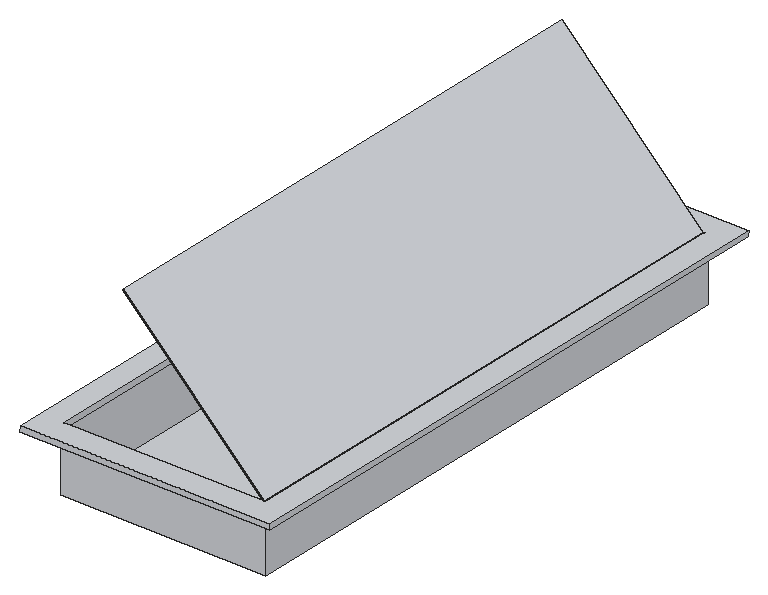
Revit family "Volta-IP30-Hollow_wall-leer-AT-de", category Electrical Equipment, host Face, Revit 2020
Family settings
  Host = Face
  Panel Configuration = Two Columns, Circuits Across
  Round Connector Dimension = Use Diameter
  Part Type = Panelboard
  Cut with Voids When Loaded = No
  Shared = No
  Room Calculation Point = No
Parameters (values of type "Unterputz IP30 B348 H880.5 T98 12 Teilungseinheiten - VH60WWH")
  Width Control [instance] = if([HG000006 - Unterputz], if([EF000846 - Einbaubreite] > min_whd, [EF000846 - Einbaubreite], min_whd), if([EF000008 - Breite] > min_whd, ([EF000008 - Breite]), min_whd))  # 314 mm
  Void Depth [instance] = if([HG000006 - Unterputz], Depth Control, 1 mm)  # 89 mm
  Type Comments = [HG000003 - Bereich]  # "Volta"
  System Height [instance] = Height Control - 2 * [HG000005 - Dicke]  # 839 mm
  Model = [HG000004 - Herstellerreferenz]  # "VH60WWH"
  HG000011 - Leere Reihen von unten = no
  HG000010 - Asymmetrische Türen = no
  HG000009 - Doppelflügeligen Tür = no
  HG000008 - Anzahl der leeren Reihen = 0
  HG000007 - Anzahl der leeren Spalten = 0
  HG000006 - Unterputz = yes
  HG000005 - Dicke = 3 mm  # constant formula
  HG000004 - Herstellerreferenz = "VH60WWH"
  HG000003 - Bereich = "Volta"
  HG000002 - Mit tür = yes
  HG000001 - Anzahl der Spalten = 0
  EF015941 - Signaldurchlassende Tür = no
  EF015777 - Neutralleiterklemmenblock = no
  EF015776 - Erdungsklemmenblock = no
  EF009212 - Ausführung Deckel = "EV009916 - mit Ausschnitt"
  EF006306 - Mit Schloss = no
  EF006244 - Transparenter Deckel/Tür = no
  EF005474 - Schutzart (IP) = "EV006410 - IP30"
  EF004462 - Art der Schließung = "EV000154 - sonstige"
  EF002950 - Breite in Teilungseinheiten = 12
  EF001596 - Werkstoff des Gehäuses = "EV000154 - sonstige"
  EF001134 - DIN-Schiene = yes
  EF001131 - Innentiefe = 92 mm
  EF001088 - Anbaumöglichkeit = yes
  EF001062 - EMV-Ausführung = no
  EF000846 - Einbaubreite = 314 mm
  EF000339 - Art der Abdeckung = "EV004216 - Tür"
  EF000332 - Einbauhöhe = 845 mm
  EF000266 - Anzahl der Reihen = 0
  EF000218 - Einbautiefe = 89 mm
  EF000118 - Mit Montageplatte = yes
  EF000116 - RAL-Nummer = "9010"
  EF000049 - Tiefe = 98 mm
  EF000040 - Höhe = 880 mm
  EF000008 - Breite = 348 mm
  EF000007 - Farbe = "EV000202 - weiß"
  EF000003 - Montageart = "EV000128 - Hohlwand"
  Arrow Offset [instance] = Depth Control / 8  # 11.125 mm
  Arrow Height [instance] = Depth Control - Arrow Offset  # 77.875 mm
  Host Offset [instance] = if([HG000006 - Unterputz], 0 mm, [EF000049 - Tiefe])  # 0 mm
  min_whd [instance] = (2 * [HG000005 - Dicke]) + 1 mm  # 7 mm
  Manufacturer = "Hager"  # constant formula
  Height Control [instance] = if([HG000006 - Unterputz], if([EF000332 - Einbauhöhe] > min_whd, [EF000332 - Einbauhöhe], min_whd), if([EF000040 - Höhe] > min_whd, ([EF000040 - Höhe]), min_whd))  # 845 mm
  Flush Mounted - Door Frame Width [instance] = if(([EF000040 - Höhe] - [EF000332 - Einbauhöhe]) > 0 mm, if([HG000006 - Unterputz], [EF000040 - Höhe] - [EF000332 - Einbauhöhe], 0 mm), 0 mm)  # 35 mm
  Tür rechts [instance] = yes
  Tür links [instance] = not(Tür rechts)  # no
  Türschwenkwinkel [instance] = 45.00°
  3D-Türsichtbarkeit [instance] = yes
  Depth Control [instance] = if([HG000006 - Unterputz], if([EF000218 - Einbautiefe] > 0 mm, [EF000218 - Einbautiefe], 1 mm), if([EF000049 - Tiefe] > 0 mm, ([EF000049 - Tiefe]), 1 mm))  # 89 mm
  Default Elevation = 0 mm
  Sichtbarkeit der Türöffnung [instance] = no
Types (10, lengths in mm): name | System Height | Model | HG000004 - Herstellerreferenz | EF000332 - Einbauhöhe | EF000040 - Höhe | Height Control | Flush Mounted - Door Frame Width
  Unterputz IP30 B348 H505.5 T98 12 Teilungseinheiten - VH24NWB | 464 | "VH24NWB" | "VH24NWB" | 470 | 506 | 470 | 36
  Unterputz IP30 B348 H630.5 T98 12 Teilungseinheiten - VH36NW | 589 | "VH36NW" | "VH36NW" | 595 | 630 | 595 | 35
  Unterputz IP30 B348 H630.5 T98 12 Teilungseinheiten - VH36NWB | 589 | "VH36NWB" | "VH36NWB" | 595 | 630 | 595 | 35
  Unterputz IP30 B348 H630.5 T98 12 Teilungseinheiten - VH36WWH | 589 | "VH36WWH" | "VH36WWH" | 595 | 630 | 595 | 35
  Unterputz IP30 B348 H755.5 T98 12 Teilungseinheiten - VH48NW | 714 | "VH48NW" | "VH48NW" | 720 | 756 | 720 | 36
  Unterputz IP30 B348 H755.5 T98 12 Teilungseinheiten - VH48NWB | 714 | "VH48NWB" | "VH48NWB" | 720 | 756 | 720 | 36
  Unterputz IP30 B348 H755.5 T98 12 Teilungseinheiten - VH48WWH | 714 | "VH48WWH" | "VH48WWH" | 720 | 756 | 720 | 36
  Unterputz IP30 B348 H880.5 T98 12 Teilungseinheiten - VH60NW | 839 | "VH60NW" | "VH60NW" | 845 | 880 | 845 | 35
  Unterputz IP30 B348 H880.5 T98 12 Teilungseinheiten - VH60NWB | 839 | "VH60NWB" | "VH60NWB" | 845 | 880 | 845 | 35
  Unterputz IP30 B348 H880.5 T98 12 Teilungseinheiten - VH60WWH | 839 | "VH60WWH" | "VH60WWH" | 845 | 880 | 845 | 35
Reference planes
  plane 1 "Center (Front/Back)": y = 0
  plane 2: z = 0
  plane 3 "Center (Left/Right)": x = 0
  plane 4: z = 0
  plane 5: y = 38
  plane 6: z = -5
  plane 7: y = 457.5
  plane 8: y = 35
  plane 9: y = 880
  plane 10: z = -89
  plane 11: x = -157
  plane 12: x = 157
  plane 13: x = 154
  plane 14: x = -154
  plane 15: y = 877
  plane 16: z = -86
  plane 17: z = -3
  plane 18: z = -89
  plane 19: z = -3
Forms (mm)
  Extrusion 1, solid
    sketch origin (-583.045, 35, 1219.2) x (-1, 0, 0) y (0, 0, 1)
      loop
        line (-426.045, -1219.2) -> (-740.045, -1219.2) -> (-740.045, -1308.2) -> (-426.045, -1308.2) -> (-426.045, -1219.2)
    from 0 to 845 <- "Height Control"
  Extrusion 2, void
    sketch origin (-381.607, -4572, 0) x (0, -1, 0) y (-1, 0, 0)
      loop
        line (-5449, -227.607) -> (-5449, -535.607) -> (-4610, -535.607) -> (-4610, -227.607) -> (-5449, -227.607)
    from 0 to 86
  Extrusion 3, void
    sketch origin (0, 0, 0) x (1, 0, 0) y (0, 1, 0)
      loop
        line (-157, 35) -> (157, 35) -> (157, 880) -> (-157, 880) -> (-157, 35)
    from -89 to 1
  Extrusion 4, solid, detail levels coarse
    sketch origin (-381.607, -4572, 0) x (-1, 0, 0) y (0, -1, 0)
      loop
        line (-227.607, -5449) -> (-227.607, -4610) -> (-535.607, -4610) -> (-535.607, -5449) -> (-227.607, -5449)
    from 0 to -3
Cuts and joins
  Extrusion 2 cuts Extrusion 1
Dimensions and locks
  plane 4 to plane 6 = 5 mm
  "Host Offset": plane 4 to host face
  "Flush Mounted - Door Frame Width": plane 1 "Center (Front/Back)" to plane 8
  "HG000005 - Dicke": plane 5 to plane 8
  locked: connector elem to plane 3 "Center (Left/Right)"
  "Height Control": plane 9 to plane 8
  equal spacing: plane 9, plane 7, plane 8
  locked: connector elem to plane 7
  "Depth Control": plane 4 to plane 10
  "HG000005 - Dicke": plane 11 to plane 14
  "HG000005 - Dicke": plane 12 to plane 13
  equal spacing: plane 11, plane 3 "Center (Left/Right)", plane 12
  "Width Control": plane 11 to plane 12
  "Arrow Offset": nested 4 to plane 10
  "HG000005 - Dicke": plane 9 to plane 15
  "HG000005 - Dicke": plane 16 to plane 10
  "HG000005 - Dicke": plane 4 to plane 17
  "Void Depth": plane 2 to plane 18
  "HG000005 - Dicke": plane 4 to plane 19
  aligned and locked: plane 2 to host face
  aligned and locked: level to host face
  aligned and locked: plane 3 "Center (Left/Right)" to nested 2
  aligned and locked: plane 4 to nested 2
  aligned and locked: nested 2 to plane 8
  aligned and locked: nested 1 to plane 6
  aligned and locked: plane 5 to nested 1
  aligned and locked: nested 4 to plane 11
  aligned and locked: nested 3 to plane 4
  aligned and locked: Extrusion 1 sketch curve to plane 12
  aligned and locked: Extrusion 1 sketch curve to plane 11
  aligned and locked: nested 3 to plane 10
  aligned and locked: plane 10 to Extrusion 1 sketch curve
  aligned and locked: plane 5 to Extrusion 2 sketch curve
  aligned and locked: Extrusion 2 sketch curve to plane 15
  aligned and locked: Extrusion 2 sketch curve to plane 14
  aligned and locked: Extrusion 2 sketch curve to plane 13
  aligned and locked: plane 11 to Extrusion 3 sketch curve
  aligned and locked: plane 9 to Extrusion 3 sketch curve
  aligned and locked: Extrusion 3 sketch curve to plane 8
  aligned and locked: plane 12 to Extrusion 3 sketch curve
  aligned and locked: nested 3 to plane 12
  aligned and locked: Extrusion 3 to plane 18
  aligned and locked: Extrusion 2 to plane 16
  aligned and locked: Extrusion 1 sketch curve to plane 4
  aligned and locked: Extrusion 4 to plane 17
  aligned and locked: Extrusion 4 sketch curve to plane 15
  aligned and locked: Extrusion 4 sketch curve to plane 13
  aligned and locked: Extrusion 4 sketch curve to plane 14
  aligned and locked: plane 5 to Extrusion 4 sketch curve
Automatic sketch dimensions
  host sketch curve to host sketch curve = 1469.727 mm
  host sketch curve to host sketch curve = 1318.837 mm
Nested families
  nested 1: "Hager_Enclosure_System" at (0, 38, -5) x (1, 0, 0) z (0, 1, 0), Depth <- "HG000005 - Dicke", Height <- "System Height", Width <- "EF000008 - Breite", Border <- "HG000005 - Dicke", Flush_Mounted <- "HG000006 - Unterputz", Built-in_Width <- "EF000846 - Einbaubreite", Row_Module_Multiplicator <- "EF002950 - Breite in Teilungseinheiten", Total_No_Empty_Rows <- "HG000008 - Anzahl der leeren Reihen", Total_No_Rows <- "EF000266 - Anzahl der Reihen", Empty_Columns <- "HG000007 - Anzahl der leeren Spalten", No_Rows <- "EF000266 - Anzahl der Reihen", No_Columns <- "HG000001 - Anzahl der Spalten", Width_Control <- "Width Control", Empty_Rows_From_Bottom <- "HG000011 - Leere Reihen von unten", type "Hager_Enclosure_System", detail levels medium+fine
    with Width_Control 314 mm, Width 348 mm, Total_No_Rows 0, Total_No_Empty_Rows 0, Total_No_Columns 1, System_Width 308 mm, Rows_Column 0, Row_Module_Multiplicator 12, Panel_4 no, Panel_3 no, Panel_2 no, Panel_1 no, No_Rows 0, No_Panels_Ctrl 1, No_Columns 0, Hide_Columns yes, Height 839 mm, Flush_Mounted yes, Empty_Rows_From_Bottom no, Empty_Rows_Column 0, Empty_Columns 0, Depth 3 mm, Column_Width 308 mm, Built-in_Width 314 mm, Border 3 mm
  nested 2: "Hager_Enclosure_Door" at (0, 35, 0) x (1, 0, 0) z (0, 1, 0), Border <- "HG000005 - Dicke", Door_Right <- "Tür rechts", Flush_Mounted <- "HG000006 - Unterputz", Depth <- "EF000049 - Tiefe", Width <- "EF000008 - Breite", Door_Left <- "Tür links", 3d_Door <- "3D-Türsichtbarkeit", BuiltIn_Width <- "EF000846 - Einbaubreite", BuiltIn_Height <- "EF000332 - Einbauhöhe", BuiltIn_Depth <- "EF000218 - Einbautiefe", Angle <- "Türschwenkwinkel", Assymetrical <- "HG000010 - Asymmetrische Türen", Double <- "HG000009 - Doppelflügeligen Tür", Clearance <- "Sichtbarkeit der Türöffnung", Transparent <- "EF006244 - Transparenter Deckel/Tür", Door <- "HG000002 - Mit tür", Height_Ctrl <- "Height Control", Width_Ctrl <- "Width Control", Height <- "EF000040 - Höhe", type "Hager_Enclosure_Door", detail levels medium+fine
    with min_wh 7 mm, Width_Ctrl 314 mm, Width 348 mm, Transparent no, Leaf_Width 305 mm, Leaf_Tolerance 1.5 mm, Leaf_Height 836 mm, Leaf_2_Width 305 mm, Leaf_2_Offset 152.5 mm, Leaf_1_Width 305 mm, Leaf_1_Offset 152.5 mm, Height_Ctrl 845 mm, Height 880 mm, Frame_Width_Ctrl 34 mm, Frame_Width 34 mm, Frame_Internal_Offset 3 mm, Frame_Height_Ctrl 35 mm, Frame_Height 35 mm, Frame_Depth_Ctrl 9 mm, Frame_Depth 9 mm, Flush_Mounted yes, Double_Clearance_Ctrl no, Double no, Door_Right_Ctrl yes, Door_Right yes, Door_Left_Ctrl no, Door_Left no, Door yes, Depth 98 mm, Clearance_Depth 305 mm, Clearance_Ctrl no, Clearance no, BuiltIn_Width 314 mm, BuiltIn_Height 845 mm, BuiltIn_Depth 89 mm, Border 3 mm, Assymetrical no, Angle 45.00°, 3d_Door yes
  nested 3: "Hager_Enclosure_Symbol_Triangle" at (-157, 0, -89) x (1, 0, 0) z (0, -1, 0), Depth <- "Depth Control", Width <- "Width Control", type "Hager_Enclosure_Symbol_Triangle"
    with Width_Ctrl 314 mm, Width 314 mm, Depth_Ctrl 89 mm, Depth 89 mm
  nested 4: "Hager_Enclosure_Symbol_Arrow" at (-157, 0, -77.875) x (1, 0, 0) z (0, -1, 0), Height <- "Arrow Height", type "Hager_Enclosure_Symbol_Arrow"
    with Width_Inside 5.841 mm, Width 70.087 mm, Height_Ctrl 77.875 mm, Height 77.875 mm
Connectors
  electrical at (0, 457.5, -89)
    settings: on plane 10, index 1, voltage 0 V, apparent load 0 VA, apparent load phase1 0 VA, apparent load phase2 0 VA, apparent load phase3 0 VA, power factor 1, load classification "Other", number of poles 1, system type 30, power factor state 1, is connector primary yes, connector utility no, sub classification motor no, connector description ""
Definition of nested family "Hager_Enclosure_Door"
  Parameters (values of type "Hager_Enclosure_Door")
    min_wh [instance] = (2 * Border) + 1 mm  # 11 mm
    Width_Ctrl [instance] = 400 mm
    Width [instance] = 500 mm
    Transparent [instance] = yes
    Leaf_Width [instance] = if((Width_Ctrl - 2 * Border - 2 * Leaf_Tolerance) > 0 mm, (Width_Ctrl - 2 * Border - 2 * Leaf_Tolerance), min_wh)  # 387 mm
    Leaf_Tolerance [instance] = 1.5 mm  # constant formula
    Leaf_Height [instance] = if((Height_Ctrl - 2 * Border - 2 * Leaf_Tolerance) > 0 mm, (Height_Ctrl - 2 * Border - 2 * Leaf_Tolerance), min_wh)  # 387 mm
    Leaf_2_Width [instance] = if(and(and(Double, Assymetrical), Door_Left), (Leaf_Width / 3) - (Leaf_Tolerance / 2), if(and(and(Double, Assymetrical), Door_Right), (Leaf_Width / 3) * 2 - (Leaf_Tolerance / 2), if(and(Double, not(Assymetrical)), (Leaf_Width / 2) - Leaf_Tolerance, Leaf_Width)))  # 192 mm
    Leaf_2_Offset [instance] = if(and(Double, Assymetrical), Leaf_2_Width / 2, if(and(Double, not(Assymetrical)), Leaf_Width / 4, Leaf_Width / 2))  # 96.75 mm
    Leaf_1_Width [instance] = if(and(and(Double, Assymetrical), Door_Right), (Leaf_Width / 3) - (Leaf_Tolerance / 2), if(and(and(Double, Assymetrical), Door_Left), (Width / 3) * 2 - (Leaf_Tolerance / 2), if(and(Double, not(Assymetrical)), (Leaf_Width / 2) - Leaf_Tolerance, Leaf_Width)))  # 192 mm
    Leaf_1_Offset [instance] = if(and(Double, Assymetrical), Leaf_1_Width / 2, if(and(Double, not(Assymetrical)), Leaf_Width / 4, Leaf_Width / 2))  # 96.75 mm
    Height_Ctrl [instance] = 400 mm
    Height [instance] = 500 mm
    Frame_Width_Ctrl [instance] = if(Frame_Width > 0 mm, Frame_Width, 1 mm)  # 1 mm
    Frame_Width [instance] = Width - BuiltIn_Width  # 0 mm
    Frame_Internal_Offset [instance] = if(Flush_Mounted, Border, 0 mm)  # 0 mm
    Frame_Height_Ctrl [instance] = if(Frame_Height > 0 mm, Frame_Height, 1 mm)  # 1 mm
    Frame_Height [instance] = Height - BuiltIn_Height  # 0 mm
    Frame_Depth_Ctrl [instance] = if(Frame_Depth > 0 mm, Frame_Depth, 1 mm)  # 1 mm
    Frame_Depth [instance] = if(Depth - BuiltIn_Depth > 0 mm, if(Flush_Mounted, Depth - BuiltIn_Depth, 0 mm), 0 mm)  # 0 mm
    Flush_Mounted [instance] = no
    Double_Clearance_Ctrl [instance] = and(Double, Clearance)  # yes
    Double [instance] = yes
    Door_Right_Ctrl [instance] = and(or(Door_Right, Double), Door)  # yes
    Door_Right [instance] = yes
    Door_Left_Ctrl [instance] = and(or(Door_Left, Double), Door)  # yes
    Door_Left [instance] = no
    Door [instance] = yes
    Depth [instance] = 500 mm
    Default Elevation = 1219.2 mm
    Clearance_Material = none
    Clearance_Depth [instance] = if(Leaf_1_Width > Leaf_2_Width, Leaf_1_Width, Leaf_2_Width)  # 192 mm
    Clearance_Ctrl [instance] = and(not(Double), Clearance)  # no
    Clearance [instance] = yes
    BuiltIn_Width [instance] = 500 mm
    BuiltIn_Height [instance] = 500 mm
    BuiltIn_Depth [instance] = 500 mm
    Border [instance] = 5 mm
    Assymetrical [instance] = no
    Angle [instance] = 65.00°
    3d_Door [instance] = yes
  Reference planes
    plane 1 "Center (Front/Back)": y = 0
    plane 2 "Bottom": z = 0
    plane 3 "Center (Left/Right)": x = 0
    plane 4: z = 400
    plane 5: x = -200
    plane 6: x = 200
    plane 7: z = 395
    plane 8: x = -195
    plane 9: z = 5
    plane 10: x = 195
    plane 11: y = 0
    plane 12: z = 6.5
    plane 13: x = -387
    plane 14: y = -192
    plane 15: x = 387
    plane 16: x = -96.75
    plane 17: x = 96.75
    plane 18: x = -193.5
    plane 19: x = 193.5
    plane 20: z = 393.5
  Forms (mm)
    Extrusion 1, solid, visible <- "Flush_Mounted"
      sketch origin (0, 0, 0) x (1, 0, 0) y (0, 0, 1)
        loop
          line (200, 0) -> (200, 400) -> (-200, 400) -> (-200, 0) -> (200, 0)
        loop
          line (-201, 401) -> (-201, -1) -> (201, -1) -> (201, 401) -> (-201, 401)
      from 0 to 1 <- "Frame_Depth_Ctrl"
    Extrusion 2, solid, material <- "Clearance_Material", visible <- "Double_Clearance_Ctrl"
      sketch origin (1200, 0, 0) x (1, 0, 0) y (0, 0, -1)
        loop
          line (-1587, -393.5) -> (-813, -393.5) -> (-813, 0) -> (-1587, 0) -> (-1587, -393.5)
      from 0 to -192
  Dimensions and locks
    equal spacing: plane 5, plane 3 "Center (Left/Right)", plane 6
    "Width_Ctrl": plane 5 to plane 6
    "Border": plane 5 to plane 8
    "Border": plane 6 to plane 10
    "Border": plane 9 to level
    "Border": plane 4 to plane 7
    "Height_Ctrl": plane 4 to level
    "Leaf_Tolerance": plane 12 to plane 9
    "Frame_Depth": plane 11 to plane 1 "Center (Front/Back)"
    "Frame_Width_Ctrl": plane 5 to Extrusion 1 sketch curve
    "Frame_Width_Ctrl": plane 6 to Extrusion 1 sketch curve
    "Frame_Width_Ctrl": Extrusion 1 sketch curve to plane 4
    "Frame_Width_Ctrl": plane 2 "Bottom" to Extrusion 1 sketch curve
    "Leaf_1_Offset": plane 18 to plane 16
    "Leaf_2_Offset": plane 17 to plane 19
    "Leaf_1_Width": plane 13 to plane 8
    "Leaf_2_Width": plane 10 to plane 15
    "Clearance_Depth": plane 14 to plane 1 "Center (Front/Back)"
    "Leaf_Tolerance": plane 8 to plane 18
    "Leaf_Tolerance": plane 19 to plane 10
    "Leaf_Tolerance": plane 7 to plane 20
    "Frame_Internal_Offset": plane 5 to Extrusion 1 sketch curve
    "Frame_Internal_Offset": Extrusion 1 sketch curve to plane 2 "Bottom"
    "Frame_Internal_Offset": plane 6 to Extrusion 1 sketch curve
    "Frame_Internal_Offset": plane 4 to Extrusion 1 sketch curve
    aligned and locked: level to plane 2 "Bottom"
    aligned and locked: nested 1 to plane 16
    aligned and locked: nested 2 to plane 17
    aligned and locked: Extrusion 2 to plane 13
    aligned and locked: plane 15 to Extrusion 2
    aligned and locked: Extrusion 2 to plane 14
    aligned and locked: plane 12 to nested 1
    aligned and locked: nested 2 to plane 12
    aligned and locked: Extrusion 2 to plane 11
    aligned and locked: plane 20 to Extrusion 2
    aligned and locked: nested 2 to plane 11
    aligned and locked: nested 1 to plane 11
  Automatic sketch dimensions
    Extrusion 2 sketch curve to level = 0 mm
    plane 5 to Extrusion 2 sketch curve = 187 mm
    plane 6 to Extrusion 2 sketch curve = 187 mm
    Extrusion 2 sketch curve to plane 4 = 6.5 mm
  Nested families
    nested 1: "Hager_Enclosure_Door_Leaf" at (-96.75, 0, 6.5), Width <- "Leaf_1_Width", visible <- "Door_Left_Ctrl", Leaf_Height <- "Leaf_Height", Angle <- "Angle", Depth <- "Border", 3d_Door <- "3d_Door", Transparent <- "Transparent", Clearance Material <- "Clearance_Material", Clearance <- "Clearance_Ctrl", type "Hager_Enclosure_Door_Leaf"
      with Width 192 mm, Transparent_Door_Border 25 mm, Transparent_Ctrl yes, Transparent yes, Standard no, Leaf_Height 387 mm, Glass_Offset 1 mm, Depth 5 mm, Clearance Material none, Clearance no, Angle_Ctrl 65.00°, Angle 65.00°, 3d_Door yes
    nested 2: "Hager_Enclosure_Door_Leaf" at (96.75, 0, 6.5) x (-1, 0, 0) z (0, 0, 1), Width <- "Leaf_2_Width", visible <- "Door_Right_Ctrl", Leaf_Height <- "Leaf_Height", Angle <- "Angle", Depth <- "Border", 3d_Door <- "3d_Door", Transparent <- "Transparent", Clearance Material <- "Clearance_Material", Clearance <- "Clearance_Ctrl", type "Hager_Enclosure_Door_Leaf"
      with Width 192 mm, Transparent_Door_Border 25 mm, Transparent_Ctrl yes, Transparent yes, Standard no, Leaf_Height 387 mm, Glass_Offset 1 mm, Depth 5 mm, Clearance Material none, Clearance no, Angle_Ctrl 65.00°, Angle 65.00°, 3d_Door yes
  Definition of nested family "Hager_Enclosure_Door_Leaf"
    Parameters (values of type "Hager_Enclosure_Door_Leaf")
      Width [instance] = 200 mm
      Transparent_Door_Border [instance] = 25 mm  # constant formula
      Transparent_Ctrl [instance] = and(Transparent, [3d_Door])  # yes
      Transparent [instance] = yes
      Standard [instance] = and(not(Transparent), [3d_Door])  # no
      Leaf_Height [instance] = 500 mm
      Glass_Offset [instance] = if((Depth - 10 mm) / 2 > 0 mm, (Depth - 10 mm) / 2, 1 mm)  # 1 mm
      Glass_Material = none
      Depth [instance] = 3 mm
      Default Elevation = 0 mm
      Clearance Material [instance] = none
      Clearance [instance] = no
      Angle_Ctrl [instance] = if(Angle > 170.00°, 170.00°, Angle)  # 163.00°
      Angle [instance] = 163.00°
      3d_Door [instance] = yes
    Reference planes
      plane 1 "Center (Front/Back)": y = 0
      plane 2: z = 0
      plane 3 "Center (Left/Right)": x = 0
      plane 4: y = 200
      plane 5: x = -100
      plane 6: x = 100
      plane 7: x = -300
      plane 8: z = 500
      plane 9: z = 25
      plane 10: z = 475
      plane 11: x = 75
      plane 12: x = -75
    Forms (mm)
      Extrusion 1, solid, material <- "Clearance Material", visible <- "Clearance"
        sketch origin (0, 0, 0) x (1, 0, 0) y (0, 0, 1)
          loop
            line (-300, 500) -> (-300, 0) -> (100, 0) -> (100, 500) -> (-300, 500)
        from 0 to -200
      Extrusion 2, solid, visible <- "Standard", detail levels fine
        sketch origin (-100, 0, 0) x (-0.956305, 0.292372, 0) y (-0.292372, -0.956305, 0)
          loop
            line (0, -3) -> (200, -3) -> (200, 0) -> (0, 0) -> (0, -3)
        from 0 to 500 <- "Leaf_Height"
      Extrusion 3, solid, visible <- "Transparent_Ctrl", detail levels fine
        sketch origin (-100, 0, 0) x (-0.956305, 0.292372, 0) y (-0.292372, -0.956305, 0)
          loop
            line (0, -3) -> (200, -3) -> (200, 0) -> (0, 0) -> (0, -3)
        from 0 to 500 <- "Leaf_Height"
      Extrusion 4, void, detail levels fine
        sketch origin (-100, 0, 0) x (-0.292372, -0.956305, 0) y (-0.956305, 0.292372, 0)
          loop
            line (0, 25) -> (0, 175) -> (-3, 175) -> (-3, 25) -> (0, 25)
        from -475 to -25
      Extrusion 5, solid, material <- "Glass_Material", visible <- "Transparent_Ctrl", detail levels fine
        sketch origin (-100, 0, 0) x (-0.956305, 0.292372, 0) y (-0.292372, -0.956305, 0)
          loop
            line (25, -1) -> (25, -2) -> (175, -2) -> (175, -1) -> (25, -1)
        from 25 to 475
    Cuts and joins
      Extrusion 4 cuts Extrusion 3
    Lines and regions (mm)
      symbolic lines
        curve 1: line (100, 0, 0) -> (-300, 0, 0)
        curve 2: arc (100, 0, 0) -> (-100, 200, 0) -> (-300, 0, 0) r 200
        curve 4: line (-100, 0, 0) -> (-291.261, 58.474, 0)
      reference lines
        curve 3: line (-100, 0, 0) -> (-291.261, 58.474, 0)
      symbolic lines, detail levels medium+fine
        curve 5: line (-291.261, 58.474, 0) -> (-290.384, 61.343, 0)
        curve 6: line (-290.384, 61.343, 0) -> (-99.123, 2.869, 0)
        curve 7: line (-99.123, 2.869, 0) -> (-100, 0, 0)
      symbolic lines, detail levels fine
        curve 8: line (-100, 0, 500) -> (100, 0, 500)
        curve 9: line (-100, 0, 0) -> (-100, 0, 500)
        curve 10: line (100, 0, 0) -> (-100, 0, 0)
        curve 11: line (100, 0, 500) -> (100, 0, 0)
      symbolic lines, visible <- "Transparent_Ctrl", detail levels fine
        curve 12: line (-75, 0, 475) -> (75, 0, 475)
        curve 13: line (-75, 0, 25) -> (-75, 0, 475)
        curve 14: line (75, 0, 25) -> (-75, 0, 25)
        curve 15: line (75, 0, 475) -> (75, 0, 25)
    Dimensions and locks
      "Width": plane 1 "Center (Front/Back)" to plane 4
      equal spacing: plane 5, plane 3 "Center (Left/Right)", plane 6
      "Width": plane 5 to plane 6
      "Width": plane 7 to plane 5
      "Leaf_Height": plane 8 to level
      "Depth": curve 6 to curve 3
      "Width": curve 5 to curve 3
      "Width": curve 3 to curve 3
      "Transparent_Door_Border": Extrusion 4 sketch curve to curve 7
      "Transparent_Door_Border": Extrusion 4 sketch curve to curve 5
      "Transparent_Door_Border": plane 8 to plane 10
      "Transparent_Door_Border": plane 9 to level
      "Glass_Offset": Extrusion 5 sketch curve to curve 4
      "Glass_Offset": Extrusion 5 sketch curve to curve 6
      "Transparent_Door_Border": Extrusion 5 sketch curve to curve 5
      "Transparent_Door_Border": Extrusion 5 sketch curve to curve 7
      "Transparent_Door_Border": plane 12 to plane 5
      "Transparent_Door_Border": plane 6 to plane 11
      "Angle_Ctrl": angle plane 1 "Center (Front/Back)" to curve 3
      aligned and locked: level to plane 2
      aligned and locked: Extrusion 1 to curve 1
      aligned and locked: plane 6 to Extrusion 1
      aligned and locked: plane 1 "Center (Front/Back)" to Extrusion 1
      aligned and locked: plane 4 to Extrusion 1
      aligned and locked: plane 8 to Extrusion 1
      aligned and locked: curve 4 to curve 3
      aligned and locked: Extrusion 2 sketch curve to curve 7
      aligned and locked: Extrusion 2 sketch curve to curve 6
      aligned and locked: Extrusion 2 sketch curve to curve 5
      aligned and locked: Extrusion 2 sketch curve to curve 3
      aligned and locked: curve 7 to Extrusion 3 sketch curve
      aligned and locked: Extrusion 3 sketch curve to curve 4
      aligned and locked: Extrusion 3 sketch curve to curve 6
      aligned and locked: Extrusion 3 sketch curve to curve 5
      aligned and locked: curve 4 to Extrusion 4 sketch curve
      aligned and locked: curve 6 to Extrusion 4 sketch curve
      aligned and locked: Extrusion 4 to plane 9
      aligned and locked: Extrusion 4 to plane 10
      aligned and locked: Extrusion 5 to plane 9
      aligned and locked: Extrusion 5 to plane 10
      aligned and locked: curve 8 to plane 8
      aligned and locked: plane 5 to curve 9
      aligned and locked: plane 2 to curve 10
      aligned and locked: curve 11 to plane 6
      aligned and locked: plane 10 to curve 12
      aligned and locked: plane 12 to curve 13
      aligned and locked: plane 9 to curve 14
      aligned and locked: plane 11 to curve 15
    Automatic sketch dimensions
      plane 1 "Center (Front/Back)" to curve 2 = 0 mm
      curve 2 to plane 5 = 0 mm
      Extrusion 1 sketch curve to level = 0 mm
      Extrusion 1 sketch curve to plane 7 = 0 mm
      Extrusion 1 sketch curve to plane 6 = 0 mm
      Extrusion 1 sketch curve to plane 8 = 0 mm
      plane 1 "Center (Front/Back)" to curve 3 = 0 mm
      curve 3 to plane 5 = 0 mm
      curve 7 to curve 3 = 0 mm
Definition of nested family "Hager_Enclosure_Symbol_Triangle"
  Parameters (values of type "Hager_Enclosure_Symbol_Triangle")
    Width_Ctrl [instance] = if(Width > 1 mm, Width, 1 mm)  # 498 mm
    Width [instance] = 498 mm
    Depth_Ctrl [instance] = if(Depth > 1 mm, Depth, 1 mm)  # 72 mm
    Depth [instance] = 72 mm
  Reference planes
    plane 1 "Centre (avant/arrière)": y = 0
    plane 2: z = 0
    plane 3 "Centre (gauche/droite)": x = 0
  Lines and regions (mm)
    Filled region 1, type "Solid_Black", in view "Niveau de réf."
      outline origin (0, 0, 0) x (1, 0, 0) y (0, 1, 0)
        loop
          line (0, 0) -> (498, 0) -> (498, 72) -> (0, 0)
    reference lines, in view "Niveau de réf."
      curve 1: line (-206.153, 72, 0) -> (1083.258, 72, 0)
      curve 2: line (498, 405.456, 0) -> (498, -517.619, 0)
  Dimensions and locks
    "Depth_Ctrl": plane 1 "Centre (avant/arrière)" to curve 1
    "Width_Ctrl": plane 3 "Centre (gauche/droite)" to curve 2
    aligned and locked: curve 1 to Filled region 1 sketch curve
    aligned and locked: Filled region 1 sketch curve to plane 1 "Centre (avant/arrière)"
    aligned and locked: curve 2 to Filled region 1 sketch curve
    aligned and locked: plane 3 "Centre (gauche/droite)" to Filled region 1 sketch curve
    aligned and locked: plane 1 "Centre (avant/arrière)" to Filled region 1 sketch curve
  Automatic sketch dimensions
    curve 1 to plane 3 "Centre (gauche/droite)" = 206.153 mm
    curve 2 to curve 1 = 585.258 mm
    plane 1 "Centre (avant/arrière)" to curve 2 = 517.619 mm
    curve 2 to plane 1 "Centre (avant/arrière)" = 405.456 mm
Definition of nested family "Hager_Enclosure_Symbol_Arrow"
  Parameters (values of type "Hager_Enclosure_Symbol_Arrow")
    Width_Inside [instance] = if(Width / 12 > 2 mm, Width / 12, 2 mm)  # 4.987 mm
    Width [instance] = if(Height_Ctrl * 0.9 > 2 mm, Height_Ctrl * 0.9, 2 mm)  # 59.85 mm
    Height_Ctrl [instance] = if(Height > 2 mm, Height, 2 mm)  # 66.5 mm
    Height [instance] = 66.5 mm
  Reference planes
    plane 1 "Centre (avant/arrière)": y = 0
    plane 2: z = 0
    plane 3 "Centre (gauche/droite)": x = 0
    plane 4: x = 59.85
    plane 5: y = 28.263
    plane 6: y = 38.238
    plane 7: y = 66.5
    plane 8: x = 29.925
    plane 9: y = 33.25
  Lines and regions (mm)
    Filled region 1, type "Solid_Black", in view "Niveau de réf."
      outline origin (0, 0, 0) x (1, 0, 0) y (0, 1, 0)
        loop
          line (59.85, 66.5) -> (37.929, 52.827) -> (51.846, 41.935) -> (59.85, 66.5)
    detail lines, in view "Niveau de réf."
      curve 1: line (0, 0, 0) -> (29.925, 38.238, 0)
      curve 2: line (29.925, 38.238, 0) -> (29.925, 28.263, 0)
      curve 3: line (29.925, 28.263, 0) -> (59.85, 66.5, 0)
  Dimensions and locks
    "Width": plane 3 "Centre (gauche/droite)" to plane 4
    "Height_Ctrl": plane 7 to plane 1 "Centre (avant/arrière)"
    equal spacing: plane 3 "Centre (gauche/droite)", plane 8, plane 4
    equal spacing: plane 7, plane 9, plane 1 "Centre (avant/arrière)"
    equal spacing: plane 6, plane 9, plane 5
    "Width_Inside": plane 6 to plane 9
    equal spacing: curve 3, Filled region 1 sketch curve, Filled region 1 sketch curve
    angle Filled region 1 sketch curve to curve 3 = 20.00°
    angle curve 3 to Filled region 1 sketch curve = 20.00°
    locked: curve 3 to Filled region 1 sketch curve (angle 90.00°)
  Automatic sketch dimensions
    plane 1 "Centre (avant/arrière)" to curve 1 = 0 mm
    curve 1 to plane 3 "Centre (gauche/droite)" = 0 mm
    curve 2 to plane 6 = 0 mm
    curve 3 to plane 8 = 0 mm
    curve 3 to plane 4 = 0 mm
    curve 2 to plane 5 = 0 mm
    curve 3 to plane 7 = 0 mm
    Filled region 1 sketch curve to plane 4 = 0 mm
    Filled region 1 sketch curve to plane 7 = 0 mm
